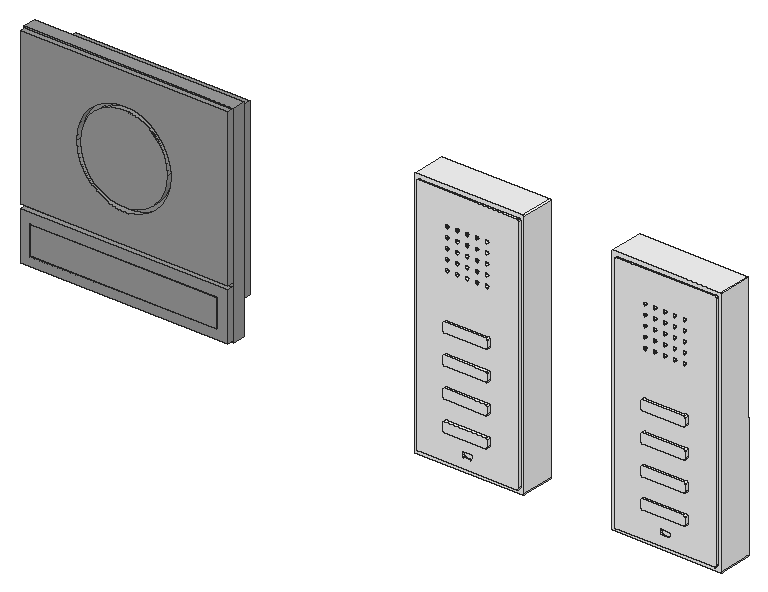
Revit family "Gira_049544", category Elektroinstallationen, Revit 2017
Family settings
  Basisbauteil = Wand
  Beschriftungsausrichtung beibehalten = Nein
  Bemaßung runder Anschluss = Durchmesser verwenden
  Teiletyp = Normal
  OmniClass-Nummer = 23.80.00.00
  OmniClass-Titel = Electric Power and Lighting
  Immer vertikal = Ja
  Beim Laden mit Abzugskörper schneiden = Nein
  Gemeinsam genutzt = Nein
  Raumberechnungspunkt = Nein
Parameters
  URL = "https://www.gira.de/"
  Typname = "ZFH-Paket Audio Türko F Alu"
  Produktseite = "http://katalog.gira.de/de_DE/datenblatt.html?artikelnr=049544"
  Mit Video = no
  Mit Infoschild = yes
  Installationstechnik = "Bus-System"
  Hersteller = "Gira"
  HAN = "049544"
  GTIN = "4010337495444"
  Farbe der Innenstation = "weiß"
  Farbe der Außenstation = "sonstige"
  Datenblatt = "https://katalog.gira.de/de_DE/download.html?artikelnr=049544"
  Beschreibung = "Zweifamilienhaus-Paket Audio"
  BIM = "https://media.stage.bim.site/public/gira/876eb45/ZFH-Paket%20Audio.rfa?public/gira/876eb45/ZFH-Paket Audio.rfa"
  Anzahl der Innenstationen = 2
  Anzahl der Außenstationen = 1
Reference planes
  plane 1: y = 0
  plane 2 "Mitte (Links/Rechts)": x = 125
  plane 3 "Hinten": y = 75
Text (mm)
  text "Platzierungsseite" at (-1867.185, 1116.779, 0), in view "Referenzebene"
  text "Platzierungsseite" at (0, 1270.507, 3001.832), in view "Links"
  text "Platzierungsseite" at (0, 530.812, 2999.686), in view "Rechts"
Dimensions and locks
  locked: plane 3 "Hinten" to host wall
  aligned and locked: plane 1 to host wall
Nested families
  nested 1: "Türstation AP 3f" at (25, -75, 1219.2) x (1, 0, 0) z (0, -1, 0), type "Türstation AP 3f"
    with Edelstahl Edelstahl
  nested 2: "Wohnungsstation" at (205, -75, 1219.2) x (1, 0, 0) z (0, -1, 0), type "Wohnungsstation"
  nested 3: "Wohnungsstation" at (305, -75, 1219.2) x (1, 0, 0) z (0, -1, 0), type "Wohnungsstation"
Definition of nested family "Türstation AP 3f"
  Parameters
    Model = "5531920"
    Edelstahl [instance] = none
    Default Elevation = 1219.2 mm
  Reference planes
    plane 1 "Center (Front/Back)": y = 0
    plane 2 "Reference Level 0": z = 0
    plane 3 "Center (Left/Right)": x = 0
  Forms (mm)
    Extrusion 1, solid
      sketch origin (0, 0, 0) x (1, 0, 0) y (0, 1, 0)
        loop
          line (-1219.2, 1219.2) -> (-1219.2, -1219.2) -> (1219.2, -1219.2) -> (1219.2, 1219.2) -> (-1219.2, 1219.2)
      from 0 to -304.8
    Extrusion 2, solid, material <- "Edelstahl", detail levels coarse
      sketch origin (0, 0, 0) x (1, 0, 0) y (0, 1, 0)
        loop
          line (-53, 53) -> (-53, -53) -> (53, -53) -> (53, 53) -> (-53, 53)
      from -14.7 to 9.5
    Extrusion 3, solid, material <- "Edelstahl", detail levels fine
      sketch origin (0, 0, 0) x (1, 0, 0) y (0, 1, 0)
        loop
          line (52.5, -28) -> (-52.5, -28) -> (-52.5, -52.5) -> (52.5, -52.5) -> (52.5, -28)
        loop
          line (-47.5, -48) -> (47.5, -48) -> (47.5, -33) -> (-47.5, -33) -> (-47.5, -48)
      from 6.5 to 9.5
    Extrusion 4, solid, material <- "Edelstahl", detail levels fine
      sketch origin (0, 0, 0) x (1, 0, 0) y (0, 1, 0)
        loop
          line (-52.5, 52.5) -> (-52.5, -26) -> (52.5, -26) -> (52.5, 52.5) -> (-52.5, 52.5)
        loop
          circle (0, 13) r 24
      from 6.5 to 9.5
    Extrusion 5, solid, material <- "Edelstahl", detail levels medium+fine
      sketch origin (0, 0, 0) x (1, 0, 0) y (0, 1, 0)
        loop
          line (-53, 53) -> (-53, -53) -> (53, -53) -> (53, 53) -> (-53, 53)
      from 0 to 6.5
    Extrusion 6, solid, material <- "Edelstahl", detail levels fine
      sketch origin (0, 0, 0) x (1, 0, 0) y (0, 1, 0)
        loop
          line (-44, 44) -> (-44, -44) -> (44, -44) -> (44, 44) -> (-44, 44)
      from -14.7 to 0
    Extrusion 7, solid, material <- "Edelstahl", detail levels fine
      sketch origin (0, 0, 0) x (1, 0, 0) y (0, 1, 0)
        loop
          circle (0, 13) r 22
      from 6.5 to 9.5
    Extrusion 8, solid, material <- "Edelstahl", detail levels fine
      sketch origin (0, 0, 0) x (1, 0, 0) y (0, 1, 0)
        loop
          line (-47, -33.5) -> (-47, -47.5) -> (47, -47.5) -> (47, -33.5) -> (-47, -33.5)
      from 6.5 to 9.5
    Extrusion 9, solid, material <- "Edelstahl", detail levels medium
      sketch origin (0, 0, 0) x (1, 0, 0) y (0, 1, 0)
        loop
          line (-52.5, 52.5) -> (-52.5, -26) -> (52.5, -26) -> (52.5, 52.5) -> (-52.5, 52.5)
        loop
          line (-52.5, -28) -> (-52.5, -52.5) -> (52.5, -52.5) -> (52.5, -28) -> (-52.5, -28)
      from 6.5 to 9.5
    Extrusion 10, solid, material <- "Edelstahl", detail levels medium
      sketch origin (0, 0, 0) x (1, 0, 0) y (0, 1, 0)
        loop
          circle (0, 13) r 24
        loop
          line (-47.5, -33) -> (-47.5, -48) -> (47.5, -48) -> (47.5, -33) -> (-47.5, -33)
      from 6.5 to 9.5
  Dimensions and locks
    aligned and locked: plane 2 "Reference Level 0" to Extrusion 1
    aligned and locked: level to Extrusion 1
    aligned and locked: Extrusion 5 to Extrusion 1
    aligned and locked: Extrusion 5 to level
    aligned and locked: level to Extrusion 6
    aligned and locked: level to Extrusion 5
    aligned and locked: Extrusion 5 to plane 2 "Reference Level 0"
    aligned and locked: plane 2 "Reference Level 0" to Extrusion 6
    aligned and locked: plane 3 "Center (Left/Right)" to nested 1
  Nested families
    nested 1: "1040099" at (-20.545, -53, 0), type "1040099"
  Connectors
    electrical at (0, 0, -14.7)
      settings: on Extrusion 6, index 1, voltage 220 V, apparent load 0 VA, apparent load phase1 0 VA, apparent load phase2 0 VA, apparent load phase3 0 VA, power factor 1, load classification none, number of poles 1, system type 31, power factor state 1, is connector primary yes, connector utility no, sub classification motor no, connector description ""
  Definition of nested family "1040099"
    Reference planes
      plane 1: y = 0
      plane 2: x = 0
Definition of nested family "Wohnungsstation"
  Parameters
    Default Elevation = 1219.2 mm
  Reference planes
    plane 1 "Center (Front/Back)": y = 0
    plane 2: z = 0
    plane 3 "Center (Left/Right)": x = 0
  Forms (mm)
    Extrusion 1, solid
      sketch origin (0, 0, 0) x (1, 0, 0) y (0, 1, 0)
        loop
          line (-1219.2, 1219.2) -> (-1219.2, -1219.2) -> (1219.2, -1219.2) -> (1219.2, 1219.2) -> (-1219.2, 1219.2)
      from 0 to -304.8
    Extrusion 2, solid, detail levels fine
      sketch origin (0, 0, 0) x (1, 0, 0) y (0, 1, 0)
        loop
          spline (-27.285, 63.381) -> (-27.351, 63.377) -> (-27.415, 63.364) -> (-27.476, 63.343) -> (-27.535, 63.314) -> (-27.589, 63.278) -> (-27.638, 63.235) -> (-27.682, 63.186) -> (-27.718, 63.131) -> (-27.747, 63.073) -> (-27.768, 63.011) -> (-27.78, 62.947) -> (-27.785, 62.882)
          line (-27.785, 62.882) -> (-27.785, -62.882)
          spline (-27.785, -62.882) -> (-27.781, -62.94) -> (-27.771, -62.997) -> (-27.754, -63.053) -> (-27.731, -63.107) -> (-27.702, -63.157) -> (-27.667, -63.204) -> (-27.627, -63.246) -> (-27.582, -63.283) -> (-27.534, -63.315) -> (-27.482, -63.341) -> (-27.427, -63.361) -> (-27.37, -63.374)
          line (-27.37, -63.374) -> (27.193, -63.374)
          spline (27.193, -63.374) -> (27.265, -63.381) -> (27.338, -63.377) -> (27.409, -63.364) -> (27.477, -63.34) -> (27.541, -63.306) -> (27.6, -63.264) -> (27.652, -63.213) -> (27.696, -63.156) -> (27.731, -63.092) -> (27.757, -63.025) -> (27.772, -62.954) -> (27.777, -62.882)
          line (27.777, -62.882) -> (27.777, 62.882)
          spline (27.777, 62.882) -> (27.773, 62.947) -> (27.76, 63.011) -> (27.739, 63.073) -> (27.711, 63.131) -> (27.674, 63.186) -> (27.631, 63.235) -> (27.582, 63.278) -> (27.528, 63.314) -> (27.469, 63.343) -> (27.407, 63.364) -> (27.343, 63.377) -> (27.278, 63.381)
          line (27.278, 63.381) -> (-27.285, 63.381)
      from 0 to 16.5
    Extrusion 3, solid, detail levels fine
      sketch origin (0, 0, 0) x (1, 0, 0) y (0, 1, 0)
        loop
          arc (-24.804, 61.4) -> (-25.511, 61.107) -> (-25.804, 60.4) r 1
          line (-25.804, 60.4) -> (-25.804, -60.4)
          arc (-25.804, -60.4) -> (-25.511, -61.107) -> (-24.804, -61.4) r 1
          line (-24.804, -61.4) -> (24.796, -61.4)
          arc (24.796, -61.4) -> (25.503, -61.107) -> (25.796, -60.4) r 1
          line (25.796, -60.4) -> (25.796, 60.4)
          arc (25.796, 60.4) -> (25.503, 61.107) -> (24.796, 61.4) r 1
          line (24.796, 61.4) -> (-24.804, 61.4)
        loop
          circle (-10.004, 45.55) r 0.94
        loop
          circle (-5.004, 45.55) r 0.94
        loop
          circle (-0.004, 45.55) r 0.94
        loop
          circle (4.996, 45.55) r 0.94
        loop
          circle (9.996, 45.55) r 0.94
        loop
          circle (-10.004, 40.55) r 0.94
        loop
          circle (-5.004, 40.55) r 0.94
        loop
          circle (-0.004, 40.55) r 0.94
        loop
          circle (4.996, 40.55) r 0.94
        loop
          circle (9.996, 40.55) r 0.94
        loop
          circle (9.996, 35.55) r 0.94
        loop
          circle (4.996, 35.55) r 0.94
        loop
          circle (-0.004, 35.55) r 0.94
        loop
          circle (-5.004, 35.55) r 0.94
        loop
          circle (-10.004, 35.55) r 0.94
        loop
          circle (-10.004, 30.55) r 0.94
        loop
          circle (-5.004, 30.55) r 0.94
        loop
          circle (-0.004, 30.55) r 0.94
        loop
          circle (4.996, 30.55) r 0.94
        loop
          circle (9.996, 30.55) r 0.94
        loop
          circle (9.996, 25.55) r 0.94
        loop
          circle (4.996, 25.55) r 0.94
        loop
          circle (-0.004, 25.55) r 0.94
        loop
          circle (-5.004, 25.55) r 0.94
        loop
          circle (-10.004, 25.55) r 0.94
        loop
          line (2.57, -55.275) -> (2.57, -54.377)
          spline (2.57, -54.377) -> (2.562, -54.246) -> (2.536, -54.118) -> (2.494, -53.994) -> (2.437, -53.877) -> (2.364, -53.769) -> (2.278, -53.67) -> (2.18, -53.584) -> (2.071, -53.512) -> (1.954, -53.454) -> (1.83, -53.412) -> (1.702, -53.387) -> (1.572, -53.378)
          line (1.572, -53.378) -> (-1.579, -53.378)
          spline (-1.579, -53.378) -> (-1.709, -53.387) -> (-1.838, -53.412) -> (-1.961, -53.454) -> (-2.079, -53.512) -> (-2.187, -53.584) -> (-2.285, -53.67) -> (-2.371, -53.769) -> (-2.444, -53.877) -> (-2.502, -53.994) -> (-2.544, -54.118) -> (-2.569, -54.246) -> (-2.578, -54.377)
          line (-2.578, -54.377) -> (-2.578, -55.275)
          spline (-2.578, -55.275) -> (-2.569, -55.406) -> (-2.544, -55.534) -> (-2.502, -55.658) -> (-2.444, -55.775) -> (-2.371, -55.884) -> (-2.285, -55.982) -> (-2.187, -56.068) -> (-2.079, -56.14) -> (-1.961, -56.198) -> (-1.838, -56.24) -> (-1.709, -56.266) -> (-1.579, -56.274)
          line (-1.579, -56.274) -> (1.572, -56.274)
          spline (1.572, -56.274) -> (1.702, -56.266) -> (1.83, -56.24) -> (1.954, -56.198) -> (2.071, -56.14) -> (2.18, -56.068) -> (2.278, -55.982) -> (2.364, -55.884) -> (2.437, -55.775) -> (2.494, -55.658) -> (2.536, -55.534) -> (2.562, -55.406) -> (2.57, -55.275)
      from 16.5 to 17.5
    Extrusion 4, solid, detail levels medium+fine
      sketch origin (0, 0, 0) x (1, 0, 0) y (0, 1, 0)
        loop
          line (24.269, -59.873) -> (24.269, 59.873) -> (-24.276, 59.873) -> (-24.276, -59.873) -> (24.269, -59.873)
      from 0 to -2.8
    Extrusion 5, solid, detail levels medium+fine
      sketch origin (0, 0, 0) x (1, 0, 0) y (0, 1, 0)
        loop
          line (-11.239, -43.032) -> (-11.239, -46.368)
          arc (-11.239, -46.368) -> (-10.961, -46.907) -> (-10.421, -47.186) r 1
          line (-10.421, -47.186) -> (10.414, -47.186)
          arc (10.414, -47.186) -> (10.953, -46.907) -> (11.232, -46.368) r 1
          line (11.232, -46.368) -> (11.232, -43.032)
          arc (11.232, -43.032) -> (10.953, -42.493) -> (10.414, -42.214) r 1
          line (10.414, -42.214) -> (-10.421, -42.214)
          arc (-10.421, -42.214) -> (-10.961, -42.493) -> (-11.239, -43.032) r 1
        loop
          line (-11.239, -28.032) -> (-11.239, -31.368)
          arc (-11.239, -31.368) -> (-10.961, -31.907) -> (-10.421, -32.186) r 1
          line (-10.421, -32.186) -> (10.414, -32.186)
          arc (10.414, -32.186) -> (10.953, -31.907) -> (11.232, -31.368) r 1
          line (11.232, -31.368) -> (11.232, -28.032)
          arc (11.232, -28.032) -> (10.953, -27.493) -> (10.414, -27.214) r 1
          line (10.414, -27.214) -> (-10.421, -27.214)
          arc (-10.421, -27.214) -> (-10.961, -27.493) -> (-11.239, -28.032) r 1
        loop
          line (-11.239, -13.032) -> (-11.239, -16.368)
          arc (-11.239, -16.368) -> (-10.961, -16.907) -> (-10.421, -17.186) r 1
          line (-10.421, -17.186) -> (10.414, -17.186)
          arc (10.414, -17.186) -> (10.953, -16.907) -> (11.232, -16.368) r 1
          line (11.232, -16.368) -> (11.232, -13.032)
          arc (11.232, -13.032) -> (10.953, -12.493) -> (10.414, -12.214) r 1
          line (10.414, -12.214) -> (-10.421, -12.214)
          arc (-10.421, -12.214) -> (-10.961, -12.493) -> (-11.239, -13.032) r 1
        loop
          line (-11.239, 1.968) -> (-11.239, -1.368)
          arc (-11.239, -1.368) -> (-10.961, -1.907) -> (-10.421, -2.186) r 1
          line (-10.421, -2.186) -> (10.414, -2.186)
          arc (10.414, -2.186) -> (10.949, -1.912) -> (11.23, -1.382) r 1
          line (11.23, -1.382) -> (11.202, 2.095)
          arc (11.202, 2.095) -> (10.906, 2.552) -> (10.414, 2.786) r 1
          line (10.414, 2.786) -> (-10.421, 2.786)
          arc (-10.421, 2.786) -> (-10.961, 2.507) -> (-11.239, 1.968) r 1
      from 17.5 to 19
    Extrusion 6, solid, detail levels medium
      sketch origin (0, 0, 0) x (1, 0, 0) y (0, 1, 0)
        loop
          line (-27.785, 63.381) -> (-27.785, -63.374) -> (27.777, -63.374) -> (27.777, 63.381) -> (-27.785, 63.381)
      from 0 to 17.5
    Extrusion 7, solid, detail levels coarse
      sketch origin (0, 0, 0) x (1, 0, 0) y (0, 1, 0)
        loop
          line (-27.785, 63.381) -> (-27.785, -63.374) -> (27.777, -63.374) -> (27.777, 63.381) -> (-27.785, 63.381)
      from -2.8 to 19
  Dimensions and locks
    aligned and locked: plane 2 to Extrusion 1
    aligned and locked: level to Extrusion 1
